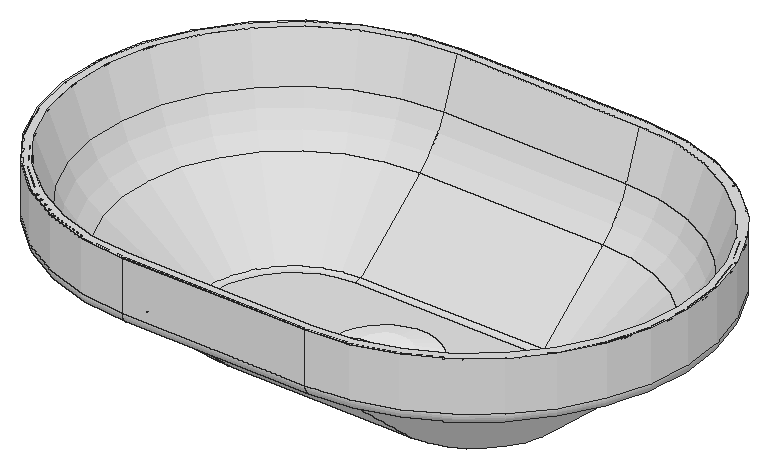
Revit family "Reece_Basin_Omvivo_Venice_Semi Inset Basin_500 mm", category Plumbing Fixtures, host Face, Revit 2018
Family settings
  Host = Face
  Round Connector Dimension = Use Diameter
  Part Type = Normal
  Cut with Voids When Loaded = No
  Shared = Yes
  Room Calculation Point = Yes
Parameters (values of type "White")
  WFU = 0  # constant formula
  URL = "https://www.reece.com.au/product/-1862105"
  Type Comments = "Basin"
  Reece_Product_Web Page = "https://www.reece.com.au/product/-1862105"
  Reece_Product_Type = "Basin"  # constant formula
  Reece_Product_Sub Brand = "Venice"  # constant formula
  Reece_Product_Number = "1862105"
  Reece_Product_Mount = "Semi Inset"
  Reece_Product_Description = "Omvivo Venice 500 Semi Inset Basin Solid Surface White"
  Reece_Product_Brand = "Omvivo"  # constant formula
  Reece_Overall_Width = 500 mm  # constant formula
  Reece_Overall_Length = 350 mm  # constant formula
  Reece_Overall_Height = 130 mm  # constant formula
  Reece_Overall_Capacity = 9.00 L  # constant formula
  Reece_Material_Secondary = Reece_Brass_Chrome
  Reece_Material_Colour = Reece_Cast_Solid_Surface_White
  Reece_Material_Main = Reece_Cast_Solid_Surface_White
  Reece_Detail_Installation = "Semi Inset Basin"  # constant formula
  Reece_Detail_Disclaimer = "THIS FILE IS THE PROPERTY OF THE REECE GROUP. IT MAY NOT BE REPRODUCED, REVERSE-ENGINEERED OR MODIFIED. ANY REPUBLICATION, TRANSMISSION OR DISTRIBUTION FOR THE PURPOSE OF COMMERCIALLY EXPLOITING THE FILES IS PROHIBITED."  # constant formula
  Reece_Detail_Connector = "No Taphole"  # constant formula
  Reece_Detail_Additional = "No Overflow"  # constant formula
  Reece_Basin_Outlet = 40 mm  # constant formula
  Model = "Venice"
  Manufacturer = "Omvivo"
  Keynote = "Product #1862105, Reece_Basin_Omvivo_Venice_Semi Inset Basin_500 mm - White"
  HWFU = 0  # constant formula
  Disclaimer = "THIS FILE IS THE PROPERTY OF THE REECE GROUP. IT MAY NOT BE REPRODUCED, REVERSE-ENGINEERED OR MODIFIED. ANY REPUBLICATION, TRANSMISSION OR DISTRIBUTION FOR THE PURPOSE OF COMMERCIALLY EXPLOITING THE FILES IS PROHIBITED."  # constant formula
  Description = "Venice 500 Semi Inset Basin Solid Surface White"
  Default Elevation = 1000 mm
  CWFU = 0  # constant formula
Types (6, lengths in mm): name | URL | Reece_Product_Web Page | Reece_Product_Number | Reece_Product_Description | Reece_Material_Colour | Keynote | Description
  White | "https://www.reece.com.au/product/-1862105" | "https://www.reece.com.au/product/-1862105" | "1862105" | "Omvivo Venice 500 Semi Inset Basin Solid Surface White" | Reece_Cast_Solid_Surface_White | "Product #1862105, Reece_Basin_Omvivo_Venice_Semi Inset Basin_500 mm - White" | "Venice 500 Semi Inset Basin Solid Surface White"
  Softskin Black | "https://www.reece.com.au/product/-1862155" | "https://www.reece.com.au/product/-1862155" | "1862155" | "Omvivo Venice 500 Semi Inset Basin Solid Surface Softskin Black" | Reece_Cast_Solid_Surface_Softskin Black | "Product #1862155, Reece_Basin_Omvivo_Venice_Semi Inset Basin_500 mm - Softskin Black" | "Venice 500 Semi Inset Basin Solid Surface Softskin Black"
  Softskin Blush | "https://www.reece.com.au/product/-1862151" | "https://www.reece.com.au/product/-1862151" | "1862151" | "Omvivo Venice 500 Semi Inset Basin Solid Surface Softskin Blush" | Reece_Cast_Solid_Surface_Softskin Blush | "Product #1862151, Reece_Basin_Omvivo_Venice_Semi Inset Basin_500 mm - Softskin Blush" | "Venice 500 Semi Inset Basin Solid Surface Softskin Blush"
  Softskin Charcoal | "https://www.reece.com.au/product/-1862154" | "https://www.reece.com.au/product/-1862154" | "1862154" | "Omvivo Venice 500 Semi Inset Basin Solid Surface Softskin Charcoal" | Reece_Cast_Solid_Surface_Softskin Charcoal | "Product #1862154, Reece_Basin_Omvivo_Venice_Semi Inset Basin_500 mm - Softskin Charcoal" | "Venice 500 Semi Inset Basin Solid Surface Softskin Charcoal"
  Softskin Emerald Green | "https://www.reece.com.au/product/-1862152" | "https://www.reece.com.au/product/-1862152" | "1862152" | "Omvivo Venice 500 Semi Inset Basin Solid Surface Softskin Emerald Green" | Reece_Cast_Solid_Surface_Softskin Emerald Green | "Product #1862152, Reece_Basin_Omvivo_Venice_Semi Inset Basin_500 mm - Softskin Emerald Green" | "Venice 500 Semi Inset Basin Solid Surface Softskin Emerald Green"
  Softskin Gentian Blue | "https://www.reece.com.au/product/-1862153" | "https://www.reece.com.au/product/-1862153" | "1862153" | "Omvivo Venice 500 Semi Inset Basin Solid Surface Softskin Gentian Blue" | Reece_Cast_Solid_Surface_Softskin Gentian Blue | "Product #1862153, Reece_Basin_Omvivo_Venice_Semi Inset Basin_500 mm - Softskin Gentian Blue" | "Venice 500 Semi Inset Basin Solid Surface Softskin Gentian Blue"
Reference planes
  plane 1 "Center (Front/Back)": y = -79.125
  plane 2 "Bottom": z = 0
  plane 3 "Center (Left/Right)": x = 0
  plane 4: y = 95.875
  plane 5: x = 250
  plane 6: x = -250
  plane 7: y = -254.125
  plane 8: z = 50
  plane 9: z = 50
  plane 10: z = -70
  plane 11: z = -80
  plane 12: y = -229.125
  plane 13: y = 70.875
Forms (mm)
  Extrusion 1, void
    sketch origin (0, 0, 0) x (1, 0, 0) y (0, 1, 0)
      loop
        circle (0, -79.125) r 50
    from -49.455 to 45.636
  Sweep 2, solid, material "Reece_Cast_Solid_Surface_White" <- "Reece_Material_Colour"
    path origin (0, 0, -80) x (1, 0, 0) y (0, 1, 0)
      loop
        arc (-75.019, 95.875) -> (-250.019, -79.125) -> (-75.019, -254.125) r 175
        line (-75.019, -254.125) -> (75, -254.125)
        arc (75, -254.125) -> (250, -79.125) -> (75, 95.875) r 175
        line (75, 95.875) -> (-75.019, 95.875)
    profile origin (-0.009, 95.875, -80) x (0, 1, 0) y (0, 0, 1)
      loop
        line (0, 89.34) -> (0, 130)
        arc (0, 130) -> (-3.536, 128.536) -> (-5, 125) r 5
        line (-5, 125) -> (-5, 107.5)
        arc (-5, 107.5) -> (-10.529, 90.498) -> (-25, 80) r 28.906
        line (-25, 80) -> (-7.651, 80)
        arc (-7.651, 80) -> (-2.157, 83.303) -> (0, 89.34) r 9.527
  Sweep 3, solid, material "Reece_Cast_Solid_Surface_White" <- "Reece_Material_Main"
    path origin (0, 0, -80) x (1, 0, 0) y (0, 1, 0)
      loop
        line (75, 95.875) -> (-75.019, 95.875)
        arc (-75.019, 95.875) -> (-250.019, -79.125) -> (-75.019, -254.125) r 175
        line (-75.019, -254.125) -> (75, -254.125)
        arc (75, -254.125) -> (250, -79.125) -> (75, 95.875) r 175
    profile origin (-0.009, 95.875, -80) x (0, -1, 0) y (0, 0, 1)
      loop
        line (109.662, 2.882) -> (119.063, 2.882) -> (119.063, 6.9) -> (110.668, 6.9)
        arc (110.668, 6.9) -> (107.957, 7.373) -> (105.568, 8.737) r 8
        line (105.568, 8.737) -> (44.777, 59.043)
        arc (44.777, 59.043) -> (30.406, 74.566) -> (20.605, 93.314) r 80
        line (20.605, 93.314) -> (7.253, 130) -> (0, 130)
        arc (0, 130) -> (3.417, 128.655) -> (5, 125.342) r 5.013
        line (5, 125.342) -> (5, 107.5)
        arc (5, 107.5) -> (10.004, 91.245) -> (23.282, 80.617) r 28.906
        arc (23.282, 80.617) -> (24.537, 79.683) -> (25.151, 78.245) r 3
        arc (25.151, 78.245) -> (27.028, 72.669) -> (30.794, 68.148) r 16
        line (30.794, 68.148) -> (109.662, 2.882)
  Extrusion 4, solid, material "Reece_Cast_Solid_Surface_White" <- "Reece_Material_Main"
    sketch origin (0, 0, -80) x (1, 0, 0) y (0, 1, 0)
      loop
        arc (-75.019, -23.187) -> (-130.956, -79.125) -> (-75.019, -135.062) r 55.937
        line (-75.019, -135.062) -> (75, -135.062)
        arc (75, -135.062) -> (130.937, -79.125) -> (75, -23.187) r 55.937
        line (75, -23.187) -> (-75.019, -23.187)
    from 2.882 to 6.9
  Extrusion 5, void
    sketch origin (0, 0, 0) x (1, 0, 0) y (0, 1, 0)
      loop
        line (-75.019, -231.625) -> (75, -231.625)
        arc (75, -231.625) -> (227.5, -79.125) -> (75, 73.375) r 152.5
        line (75, 73.375) -> (-75.019, 73.375)
        arc (-75.019, 73.375) -> (-227.519, -79.125) -> (-75.019, -231.625) r 152.5
    from -80 to 21.862
  Revolve 6, solid
    sketch origin (0, -79.125, -102.262) x (1, 0, 0) y (0, 0, 1)
      loop
        line (-20, 29.373) -> (-30, 29.373)
        arc (-30, 29.373) -> (-27.737, 26.138) -> (-26.982, 22.262) r 9.513
        line (-26.982, 22.262) -> (-20, 22.262) -> (-20, 29.373)
      axis (0, 29.373) -> (0, 22.262)
    angle from 0 to 360
  Revolve 7, solid, material "Reece_Cast_Solid_Surface_White" <- "Reece_Material_Main"
    sketch origin (0, -79.125, 0) x (1, 0, 0) y (0, 0, 1)
      loop
        line (-40, -73.136) -> (-40, -77.118) -> (-28.178, -77.118)
        arc (-28.178, -77.118) -> (-29.368, -74.3) -> (-32.196, -73.136) r 4.018
        line (-32.196, -73.136) -> (-40, -73.136)
      axis (0, -73.136) -> (0, -77.118)
    angle from 0 to 360
  Extrusion 8, void
    sketch origin (0, 0, 0) x (1, 0, 0) y (0, 1, 0)
      loop
        circle (0, -79.125) r 39
    from -152.825 to -70.912
  Revolve 9, solid, material "Reece_Brass_Chrome" <- "Reece_Material_Secondary"
    sketch origin (0, -79.125, -69.387) x (1, 0, 0) y (0, 0, 1)
      loop
        line (0, -3.502) -> (0, 4.096)
        arc (0, 4.096) -> (-19.757, 2.931) -> (-39.04, -1.525) r 117.809
        line (-39.04, -1.525) -> (-39.04, -3.502) -> (-27.81, -3.502) -> (-26.1, -8.2) -> (-21.1, -8.2) -> (-21.1, -3.502) -> (0, -3.502)
      axis (0, 4.096) -> (0, -8.2)
    angle from 0 to 360
Cuts and joins
  Extrusion 8 cuts Sweep 3
  Extrusion 8 cuts Extrusion 4
  joined: Sweep 3, Extrusion 4, Revolve 7
Text (mm)
  text "Reece Copyright © 2018, Reece Ltd." at (-902.343, -740.328, 0), in view "Ref. Level"
  text "Reece ©" at (44.384, 258.95, 192.345), in view "Reece Preview"
Dimensions and locks
  equal spacing: plane 6, plane 3 "Center (Left/Right)", plane 5
  "Reece_Overall_Width": plane 6 to plane 5
  "Reece_Overall_Length": plane 4 to plane 7
  equal spacing: plane 4, plane 1 "Center (Front/Back)", plane 7
  plane 8 to host face = 50 mm
  "Reece_Overall_Width": plane 6 to plane 8
  "Reece_Overall_Height": Sweep 2 to plane 11  (x2)
  "Reece_Overall_Length": plane 4 to Sweep 2
  aligned and locked: host face to plane 2 "Bottom"
  aligned and locked: level to host face
  aligned and locked: Extrusion 8 to Revolve 9
Automatic sketch dimensions
  host sketch curve to host sketch curve = 801.051 mm
  host sketch curve to host sketch curve = 660.299 mm
  plane 1 "Center (Front/Back)" to Extrusion 1 sketch curve = 0 mm
  Extrusion 1 sketch curve to plane 3 "Center (Left/Right)" = 0 mm
  Sweep 2 sketch curve to plane 4 = 0 mm
  plane 7 to Sweep 2 sketch curve = 0 mm
  Sweep 3 sketch curve to plane 4 = 0 mm
  plane 1 "Center (Front/Back)" to Sweep 3 sketch curve = 0 mm
  plane 1 "Center (Front/Back)" to Extrusion 4 sketch curve = 0 mm
  Extrusion 4 sketch curve to Extrusion 4 sketch curve = 55.937 mm
  plane 1 "Center (Front/Back)" to Extrusion 5 sketch curve = 0 mm
  Extrusion 5 sketch curve to plane 7 = 22.5 mm
  Sweep 2 sketch curve to plane 3 "Center (Left/Right)" = 75.019 mm
  Sweep 3 sketch curve to plane 3 "Center (Left/Right)" = 75.019 mm
  Extrusion 4 sketch curve to plane 3 "Center (Left/Right)" = 75.019 mm
  Extrusion 5 sketch curve to plane 3 "Center (Left/Right)" = 75.019 mm
  plane 3 "Center (Left/Right)" to Sweep 2 sketch curve = 75 mm
  plane 3 "Center (Left/Right)" to Sweep 3 sketch curve = 75 mm
  plane 3 "Center (Left/Right)" to Extrusion 4 sketch curve = 75 mm
  plane 3 "Center (Left/Right)" to Extrusion 5 sketch curve = 75 mm
  plane 1 "Center (Front/Back)" to Extrusion 8 sketch curve = 0 mm
  Extrusion 8 sketch curve to plane 3 "Center (Left/Right)" = 0 mm
  Revolve 7 sketch curve to plane 3 "Center (Left/Right)" = 0 mm
  plane 11 to Revolve 7 sketch curve = 2.882 mm
  Revolve 7 sketch curve to plane 3 "Center (Left/Right)" = 28.178 mm
  Revolve 7 sketch curve to Revolve 7 sketch curve = 4.018 mm
  Revolve 7 sketch curve to Revolve 7 sketch curve = 7.804 mm
  plane 11 to Revolve 7 sketch curve = 2.846 mm
  plane 11 to Revolve 7 sketch curve = 3.363 mm
  Revolve 7 sketch curve to plane 10 = 1.637 mm
  Revolve 9 sketch curve to plane 3 "Center (Left/Right)" = 0 mm  (x2)
  Revolve 9 sketch curve to plane 3 "Center (Left/Right)" = 2.966 mm
  Revolve 9 sketch curve to plane 10 = 2.889 mm  (x2)
  Revolve 9 sketch curve to Revolve 9 sketch curve = 21.1 mm
  plane 11 to Revolve 9 sketch curve = 2.412 mm
  Revolve 9 sketch curve to Revolve 9 sketch curve = 5 mm
  Revolve 9 sketch curve to Revolve 9 sketch curve = 1.71 mm
  Revolve 9 sketch curve to Revolve 9 sketch curve = 11.23 mm
  Revolve 9 sketch curve to plane 11 = 103.062 mm
  Revolve 9 sketch curve to plane 10 = 0.913 mm
  Revolve 9 sketch curve to Revolve 9 sketch curve = 0.313 mm
  Revolve 9 sketch curve to Revolve 9 sketch curve = 0 mm
  Revolve 6 sketch curve to plane 11 = 0 mm
  plane 3 "Center (Left/Right)" to Revolve 6 sketch curve = 0 mm
  Revolve 6 sketch curve to plane 10 = 2.889 mm
  Revolve 6 sketch curve to plane 3 "Center (Left/Right)" = 20 mm
  Revolve 6 sketch curve to Revolve 6 sketch curve = 6.982 mm
  Revolve 6 sketch curve to Revolve 6 sketch curve = 3.018 mm
  plane 11 to Revolve 6 sketch curve = 0.159 mm
  Revolve 6 sketch curve to plane 11 = 67.258 mm
  plane 11 to Revolve 6 sketch curve = 4.298 mm
  Sweep 2 sketch curve to profile plane = 0 mm
  profile plane to Sweep 2 sketch curve = 5 mm
  Sweep 2 sketch curve to Sweep 2 sketch curve = 15.473 mm
  Sweep 2 sketch curve to Sweep 2 sketch curve = 28.906 mm
  profile plane to Sweep 2 sketch curve = 80 mm
  Sweep 2 sketch curve to Sweep 2 sketch curve = 9.34 mm
  Sweep 2 sketch curve to Sweep 2 sketch curve = 17.5 mm
  profile plane to Sweep 2 sketch curve = 7.651 mm
  Sweep 3 sketch curve to profile plane = 0 mm
  Sweep 3 sketch curve to profile plane = 5 mm
  Sweep 3 sketch curve to Sweep 3 sketch curve = 2.253 mm
  plane 13 to Sweep 3 sketch curve = 4.395 mm
  plane 13 to Sweep 3 sketch curve = 2.82 mm
  Sweep 3 sketch curve to plane 13 = 5.794 mm
  Sweep 3 sketch curve to plane 13 = 8.906 mm
  Sweep 3 sketch curve to plane 13 = 15.994 mm
  Sweep 3 sketch curve to Sweep 3 sketch curve = 13.984 mm
  Sweep 3 sketch curve to Sweep 3 sketch curve = 61.875 mm
  profile plane to Sweep 3 sketch curve = 8.737 mm
  Sweep 3 sketch curve to Sweep 3 sketch curve = 60.79 mm
  profile plane to Sweep 3 sketch curve = 2.882 mm
  Sweep 3 sketch curve to Sweep 3 sketch curve = 4.094 mm
  Sweep 3 sketch curve to Sweep 3 sketch curve = 5.1 mm
  Sweep 3 sketch curve to Sweep 3 sketch curve = 8.395 mm
  Sweep 3 sketch curve to Sweep 3 sketch curve = 4.018 mm
  profile plane to Sweep 3 sketch curve = 59.043 mm
  Sweep 3 sketch curve to Sweep 3 sketch curve = 9.106 mm
  Sweep 3 sketch curve to Sweep 3 sketch curve = 9.678 mm
  Sweep 3 sketch curve to Sweep 3 sketch curve = 12.327 mm
  Sweep 3 sketch curve to Sweep 3 sketch curve = 15.488 mm
  Sweep 3 sketch curve to Sweep 3 sketch curve = 14.186 mm
  Sweep 3 sketch curve to Sweep 3 sketch curve = 17.487 mm
  Sweep 3 sketch curve to Sweep 3 sketch curve = 0.355 mm
  Sweep 3 sketch curve to Sweep 3 sketch curve = 0 mm
  radius of Extrusion 1 sketch curve = 50 mm
  radius of Extrusion 8 sketch curve = 39 mm
Connectors
  piping at (0, -79.125, -80), diameter 40, driven by "Reece_Basin_Outlet"
    settings: on Revolve 6, index 1, connector inside diameter 609.6 mm, connector length 0 mm, flow factor 0, pipe flow 0.0 L/s, pressure drop 0.0 Pa, fitting loss kfactor 0, connector angle 0.00°, fixture units 0, engagement length 0 mm, angle of deflection 0.00°, flow configuration 0, flow direction 2, fitting loss method 0, system type 16, joint type 0, gender type 0, connector reference index -1, connector utility 0, adjustable connector no, is connector primary yes, connector description ""
